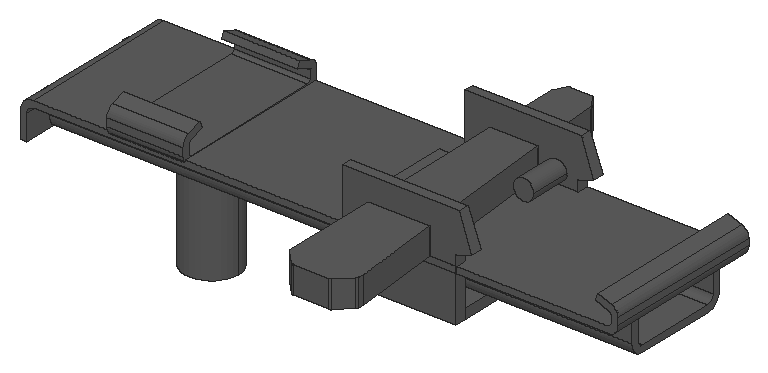
Revit family "CC4_CLAMP CC_1870140", category Generic Models, Revit 2018
Family settings
  Can host rebar = No
  Round Connector Dimension = Use Diameter
  Part Type = Normal
  OmniClass Number = 35.51.14.00
  OmniClass Title = FORMWORK
  Work Plane-Based = Yes
  Always vertical = No
  Cut with Voids When Loaded = No
  Shared = Yes
  Room Calculation Point = No
Parameters
  VERSION = "20170217"  # constant formula
  URL = "www.ulmaconstruction.com/en"
  UNICLASS = ""
  Manufacturer = "ULMA CONSTRUCTION"  # constant formula
  ITEM_CODE = "1870140"
  FILTER [instance] = ""
  Default Elevation = 0.000 mm
  CLASSIFICATION_TITLE = ""
  CLASSIFICATION_NUMBER = ""
Reference planes
  plane 1 "Centro (Frontal/Posterior)": y = 0
  plane 2: z = 0
  plane 3 "Centro (Izquierda/Derecha)": x = 0
Forms (mm)
  Extrusion 1, solid, material "ULMA BLACK", detail levels fine
    sketch origin (0, 0, 0) x (-1, 0, 0) y (0, 0, 1)
      loop
        line (305, -301.5) -> (305, -286.5)
        arc (305, -286.5) -> (302.657, -280.843) -> (297, -278.5) r 8
        line (297, -278.5) -> (-42, -278.5)
        arc (-42, -278.5) -> (-43.414, -277.914) -> (-44, -276.5) r 2
        line (-44, -276.5) -> (-44, -272.4)
        arc (-44, -272.4) -> (-43.638, -271.253) -> (-42.684, -270.521) r 2
        line (-42.684, -270.521) -> (-34.603, -267.58) -> (-35.971, -263.821) -> (-44.052, -266.762)
        arc (-44.052, -266.762) -> (-46.915, -268.959) -> (-48, -272.4) r 6
        line (-48, -272.4) -> (-48, -276.5)
        arc (-48, -276.5) -> (-46.243, -280.743) -> (-42, -282.5) r 6
        line (-42, -282.5) -> (297, -282.5)
        arc (297, -282.5) -> (299.828, -283.672) -> (301, -286.5) r 4
        line (301, -286.5) -> (301, -301.5) -> (305, -301.5)
    from -48 to 48
  Extrusion 2, solid, material "ULMA BLACK", detail levels fine
    sketch origin (0, 0, 0) x (-1, 0, 0) y (0, 0, 1)
      loop
        line (51.125, -276.565) -> (60.625, -282.05) -> (70.125, -276.565) -> (70.125, -266.435) -> (60.625, -260.95) -> (51.125, -266.435) -> (51.125, -276.565)
    from 48 to 56
  Extrusion 3, solid, material "ULMA BLACK", detail levels fine
    sketch origin (0, 0, 0) x (-1, 0, 0) y (0, 0, 1)
      loop
        circle (60.625, -271.5) r 6
    from 18 to 48
  Extrusion 4, solid, material "ULMA BLACK", detail levels fine
    sketch origin (0, 0, 0) x (0, 1, 0) y (-1, 0, 0)
      loop
        circle (0, 230.5) r 16
    from -362.5 to -302.5
  Extrusion 5, solid, material "ULMA BLACK", detail levels fine
    sketch origin (0, 0, 0) x (0, 1, 0) y (-1, 0, 0)
      loop
        line (-48, 98.981) -> (-106.269, 98.981)
        spline (-106.269, 98.981) -> (-106.386, 98.977) -> (-106.503, 98.966) -> (-106.618, 98.947) -> (-106.732, 98.92) -> (-106.845, 98.886) -> (-106.954, 98.845) -> (-107.061, 98.796) -> (-107.164, 98.741) -> (-107.264, 98.679) -> (-107.359, 98.611) -> (-107.449, 98.537) -> (-107.535, 98.457)
        line (-107.535, 98.457) -> (-115.486, 90.505)
        spline (-115.486, 90.505) -> (-115.566, 90.42) -> (-115.641, 90.329) -> (-115.709, 90.234) -> (-115.771, 90.135) -> (-115.826, 90.031) -> (-115.874, 89.925) -> (-115.916, 89.815) -> (-115.95, 89.703) -> (-115.976, 89.589) -> (-115.995, 89.473) -> (-116.007, 89.357) -> (-116.011, 89.239)
        line (-116.011, 89.239) -> (-116.011, 68.222)
        spline (-116.011, 68.222) -> (-116.007, 68.105) -> (-115.995, 67.989) -> (-115.976, 67.873) -> (-115.95, 67.759) -> (-115.916, 67.647) -> (-115.874, 67.537) -> (-115.826, 67.431) -> (-115.771, 67.327) -> (-115.709, 67.228) -> (-115.641, 67.133) -> (-115.566, 67.042) -> (-115.486, 66.957)
        line (-115.486, 66.957) -> (-107.535, 59.005)
        spline (-107.535, 59.005) -> (-107.449, 58.925) -> (-107.358, 58.85) -> (-107.263, 58.782) -> (-107.163, 58.72) -> (-107.059, 58.665) -> (-106.952, 58.616) -> (-106.842, 58.575) -> (-106.73, 58.541) -> (-106.616, 58.515) -> (-106.5, 58.496) -> (-106.383, 58.485) -> (-106.265, 58.481)
        line (-106.265, 58.481) -> (-102.932, 58.488) -> (-48, 63.358) -> (-42, 63.89) -> (42, 71.337) -> (48, 71.869) -> (86.012, 75.239)
        spline (86.012, 75.239) -> (86.089, 75.247) -> (86.166, 75.259) -> (86.243, 75.274) -> (86.319, 75.293) -> (86.394, 75.315) -> (86.468, 75.34) -> (86.541, 75.369) -> (86.612, 75.4) -> (86.682, 75.435) -> (86.75, 75.472) -> (86.817, 75.513) -> (86.882, 75.557)
        line (86.882, 75.557) -> (93.228, 80.011)
        spline (93.228, 80.011) -> (93.342, 80.098) -> (93.448, 80.193) -> (93.546, 80.297) -> (93.636, 80.408) -> (93.717, 80.526) -> (93.788, 80.65) -> (93.849, 80.78) -> (93.899, 80.913) -> (93.938, 81.051) -> (93.967, 81.191) -> (93.984, 81.333) -> (93.989, 81.476)
        line (93.989, 81.476) -> (93.989, 93.617)
        spline (93.989, 93.617) -> (93.983, 93.773) -> (93.962, 93.928) -> (93.928, 94.081) -> (93.882, 94.23) -> (93.822, 94.374) -> (93.75, 94.512) -> (93.666, 94.644) -> (93.571, 94.768) -> (93.465, 94.883) -> (93.35, 94.989) -> (93.226, 95.084) -> (93.094, 95.168)
        line (93.094, 95.168) -> (86.905, 98.741)
        spline (86.905, 98.741) -> (86.836, 98.779) -> (86.766, 98.813) -> (86.695, 98.845) -> (86.622, 98.873) -> (86.548, 98.898) -> (86.473, 98.92) -> (86.397, 98.939) -> (86.321, 98.954) -> (86.243, 98.966) -> (86.166, 98.974) -> (86.088, 98.979) -> (86.01, 98.981)
        line (86.01, 98.981) -> (48, 98.981) -> (42, 98.981) -> (12.5, 98.981) -> (-22.5, 98.981) -> (-42, 98.981) -> (-48, 98.981)
    from -278.5 to -262.5
  Extrusion 6, solid, material "ULMA BLACK", detail levels fine
    sketch origin (0, 0, 0) x (0, 1, 0) y (0, 0, 1)
      loop
        line (-36.971, -263.321) -> (-45.052, -266.262)
        arc (-45.052, -266.262) -> (-47.915, -268.459) -> (-49, -271.9) r 6
        line (-49, -271.9) -> (-49, -276.5)
        arc (-49, -276.5) -> (-48.745, -278.232) -> (-48, -279.817) r 6
        arc (-48, -279.817) -> (-45.837, -281.787) -> (-43, -282.5) r 6
        line (-43, -282.5) -> (43, -282.5)
        arc (43, -282.5) -> (47.243, -280.743) -> (49, -276.5) r 6
        line (49, -276.5) -> (49, -271.9)
        arc (49, -271.9) -> (47.915, -268.459) -> (45.052, -266.262) r 6
        line (45.052, -266.262) -> (36.971, -263.321) -> (35.603, -267.08) -> (43.684, -270.021)
        arc (43.684, -270.021) -> (44.638, -270.753) -> (45, -271.9) r 2
        line (45, -271.9) -> (45, -276.5)
        arc (45, -276.5) -> (44.414, -277.914) -> (43, -278.5) r 2
        line (43, -278.5) -> (-43, -278.5)
        arc (-43, -278.5) -> (-44.414, -277.914) -> (-45, -276.5) r 2
        line (-45, -276.5) -> (-45, -271.9)
        arc (-45, -271.9) -> (-44.638, -270.753) -> (-43.684, -270.021) r 2
        line (-43.684, -270.021) -> (-35.603, -267.08) -> (-36.971, -263.321)
    from -208 to -253
  Extrusion 7, solid, material "ULMA BLACK", detail levels fine
    sketch origin (0, 0, 0) x (-1, 0, 0) y (0, 0, 1)
      loop
        line (38.174, -269.215) -> (47.619, -272.5) -> (47.619, -309.5) -> (114.625, -309.5) -> (114.625, -248.5) -> (45.38, -248.5) -> (38.174, -269.215)
    from 42 to 48
  Extrusion 8, solid, material "ULMA BLACK", detail levels fine
    sketch origin (0, 0, 0) x (0, 1, 0) y (0, 0, 1)
      loop
        arc (-32, -294.5) -> (-29.657, -300.157) -> (-24, -302.5) r 8
        line (-24, -302.5) -> (24, -302.5)
        arc (24, -302.5) -> (29.657, -300.157) -> (32, -294.5) r 8
        line (32, -294.5) -> (32, -282.5) -> (28, -282.5) -> (28, -294.5)
        arc (28, -294.5) -> (26.828, -297.328) -> (24, -298.5) r 4
        line (24, -298.5) -> (-24, -298.5)
        arc (-24, -298.5) -> (-26.828, -297.328) -> (-28, -294.5) r 4
        line (-28, -294.5) -> (-28, -282.5) -> (-32, -282.5) -> (-32, -294.5)
    from -305 to 43.5
  Extrusion 9, solid, material "ULMA BLACK", detail levels fine
    sketch origin (0, 0, 0) x (0, 1, 0) y (-1, 0, 0)
      loop
        line (-22.5, 98.981) -> (12.5, 98.981) -> (12.5, 106) -> (-22.5, 106) -> (-22.5, 98.981)
    from -263.5 to -278.5
  Extrusion 10, solid, material "ULMA BLACK", detail levels medium
    sketch origin (0, 0, 0) x (-1, 0, 0) y (0, 0, 1)
      loop
        line (297, -278.5) -> (-42, -278.5) -> (-42, -282.5) -> (297, -282.5) -> (297, -278.5)
    from -48 to 48
  Extrusion 11, solid, material "ULMA BLACK", detail levels medium
    sketch origin (0, 0, 0) x (0, 1, 0) y (-1, 0, 0)
      loop
        circle (0, 230.5) r 16
    from -362.5 to -282.5
  Extrusion 12, solid, material "ULMA BLACK", detail levels fine
    sketch origin (0, 0, 0) x (-1, 0, 0) y (0, 0, 1)
      loop
        line (47.619, -309.5) -> (114.625, -309.5) -> (114.625, -303.5) -> (47.619, -303.5) -> (47.619, -309.5)
    from -42 to 42
  Extrusion 13, solid, material "ULMA BLACK", detail levels fine
    sketch origin (0, -90, 0) x (-1, 0, 0) y (0, 0, 1)
      loop
        line (38.174, -269.215) -> (47.619, -272.5) -> (47.619, -309.5) -> (114.625, -309.5) -> (114.625, -248.5) -> (45.38, -248.5) -> (38.174, -269.215)
    from 42 to 48
Lines and regions (mm)
  model lines, style "ULMA CLAMP CC", detail levels coarse
    curve 1: line (-305, 48, 0) -> (48, 48, 0)
    curve 2: line (-305, -48, 0) -> (-305, 48, 0)
    curve 3: line (48, -48, 0) -> (-305, -48, 0)
    curve 4: line (48, 48, 0) -> (48, -48, 0)
    curve 5: circle (-230.5, 0, 0) r 10 normal (0, 0, 1)
    curve 6: line (0, 10, 0) -> (0, -10, 0)
    curve 7: line (-10, 0, 0) -> (10, 0, 0)
Dimensions and locks
  aligned and locked: level to plane 2
